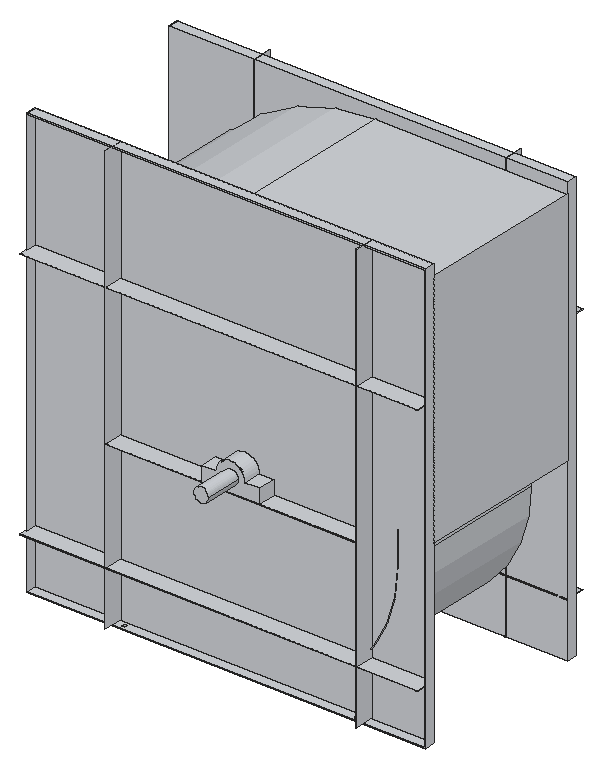
Revit family "CA-4_SWSI_ARR_3_CW_THD", category Mechanical Equipment, Revit 2019
Family settings
  Round Connector Dimension = Use Radius
  Part Type = Normal
  Work Plane-Based = No
  Always vertical = Yes
  Cut with Voids When Loaded = No
  Shared = No
  Room Calculation Point = No
Parameters (values of type "600_CA-4_SWSI_ARR_3_CW_THD_CLASS_3")
  S = 32"
  R = 49 5/16"
  P = 24 21/32"
  O/2 = O / 2  # 17/32"
  O = 1 1/16"
  N/2 = N / 2  # 1 31/32"
  N = 3 15/16"
  ModelID [instance] = ""
  M = 66 11/16"
  L = 10"
  K = 56 11/16"
  J = 3"
  INLET_RAD/2 = INLET_RAD / 2  # 16 1/2"
  INLET_RAD+1.5" = INLET_RAD + 1 1/2"  # 34 1/2"
  INLET_RAD = INLET_DIA / 2  # 33"
  INLET_DIA = 66"
  H = 51 5/8"
  G = 109 5/8"
  F = 118"
  Unit Weight [instance] = ""
  Sones [instance] = ""
  Motor RPM [instance] = ""
  Motor Enclosure [instance] = ""
  LwA [instance] = ""
  Fan RPM [instance] = ""
  E-(INLET_RAD+1.5") = E - (INLET_RAD + 1 1/2")  # 15 1/4"
  E+(INLET_RAD+1.5") = E + (INLET_RAD + 1 1/2")  # 84 1/4"
  E = 49 3/4"
  D-((D-B)/2) = D - ((D - B) / 2)  # 48 13/16"
  D = 51 13/16"
  B = 45 13/16"
  Accessories [instance] = ""
  A = 65 5/8"
  3" = 3"  # constant formula
  Brake Hp [instance] = ""
  4" = 4"  # constant formula
  2N = N + N  # 7 7/8"
  2' = 24"
  2" = 2"  # constant formula
  1" = 1"  # constant formula
  0 = 0"  # constant formula
  Voltage [instance] = 0 V
  URL = "www.lorencook.com"
  Type Comments = "Airfoil Centrifugal Blower Arrangement 3 Clockwise Top Horizontal Discharge"  # constant formula
  Static Pressure [instance] = 0.00 in-wg
  Power [instance] = Voltage * Motor FLA * sqrt(if(Phase = 3, 3, 1))  # 0 VA
  Phase [instance] = 0
  Number of Poles [instance] = 1
  Motor Hp [instance] = "0"
  Motor FLA [instance] = 0 A
  Model = "CA-4 SWSI ARR 3 CW THD CLASS 3"
  Manufacturer = "Loren Cook Company"
  CFM [instance] = 0 CFM
  1.5 = 1 1/2"  # constant formula
  ONE EIGTH = 1/8"  # constant formula
  -(((K-B)/2)-.125") = -(((K - B) / 2) - 1/8")  # -5 5/16"
  (R-B)/2 = (R - B) / 2  # 1 3/4"
  ((K-B)/2)+B = ((K - B) / 2) + B  # 51 1/4"
  (D-B)/2 = (D - B) / 2  # 3"
  -(((K-B)/2)+L) = -(((K - B) / 2) + L)  # -15 7/16"
  ((D-B)/2)-.125" = ((D - B) / 2) - 1/8"  # 2 7/8"
Types (55): name | S | R | P | O/2 | O | N/2 | N | M | L | K | J | INLET_RAD/2 | INLET_RAD+1.5" | INLET_RAD | INLET_DIA | H | G | F | E-(INLET_RAD+1.5") | E+(INLET_RAD+1.5") | E | D-((D-B)/2) | D | B | A | 2N | Model | -(((K-B)/2)-.125") | (R-B)/2 | ((K-B)/2)+B | (D-B)/2 | -(((K-B)/2)+L) | ((D-B)/2)-.125"
  (no name) | 32" | 49 5/16" | 24 21/32" | 17/32" | 1 1/16" | 1 31/32" | 3 15/16" | 66 11/16" | 10" | 56 11/16" | 3" | 16 1/2" | 34 1/2" | 33" | 66" | 51 5/8" | 109 5/8" | 118" | 15 1/4" | 84 1/4" | 49 3/4" | 48 13/16" | 51 13/16" | 45 13/16" | 65 5/8" | 7 7/8" | "CA-4 SWSI ARR 3 CW THD CLASS 3" | -5 5/16" | 1 3/4" | 51 1/4" | 3" | -15 7/16" | 2 7/8"
  120_CA-4_SWSI_ARR_3_CW_THD_CLASS_1 | 7 1/2" | 11 7/16" | 5 23/32" | 11/32" | 11/16" | 1/2" | 1" | 18 7/8" | 3" | 15 7/8" | 2" | 4 1/16" | 9 5/8" | 8 1/8" | 16 1/4" | 10 3/8" | 22 3/4" | 25 3/4" | 1 1/8" | 20 3/8" | 10 3/4" | 11 3/16" | 13 3/16" | 9 3/16" | 13 1/8" | 2" | "CA-4 SWSI ARR 3 CW THD CLASS 1" | -3 7/32" | 1 1/8" | 12 17/32" | 2" | -6 11/32" | 1 7/8"
  120_CA-4_SWSI_ARR_3_CW_THD_CLASS_2 | 7 1/2" | 11 7/16" | 5 23/32" | 11/32" | 11/16" | 1/2" | 1" | 18 7/8" | 3" | 15 7/8" | 2" | 4 1/16" | 9 5/8" | 8 1/8" | 16 1/4" | 10 3/8" | 22 3/4" | 25 3/4" | 1 1/8" | 20 3/8" | 10 3/4" | 11 3/16" | 13 3/16" | 9 3/16" | 13 1/8" | 2" | "CA-4 SWSI ARR 3 CW THD CLASS 2" | -3 7/32" | 1 1/8" | 12 17/32" | 2" | -6 11/32" | 1 7/8"
  120_CA-4_SWSI_ARR_3_CW_THD_CLASS_3 | 7 1/2" | 11 7/16" | 5 23/32" | 11/32" | 11/16" | 19/32" | 1 3/16" | 18 7/8" | 3" | 15 7/8" | 2" | 4 1/16" | 9 5/8" | 8 1/8" | 16 1/4" | 10 3/8" | 22 3/4" | 25 3/4" | 1 1/8" | 20 3/8" | 10 3/4" | 11 3/16" | 13 3/16" | 9 3/16" | 13 1/8" | 2 3/8" | "CA-4 SWSI ARR 3 CW THD CLASS 3" | -3 7/32" | 1 1/8" | 12 17/32" | 2" | -6 11/32" | 1 7/8"
  135_CA-4_SWSI_ARR_3_CW_THD_CLASS_1 | 8 1/2" | 12 9/16" | 6 9/32" | 11/32" | 11/16" | 1/2" | 1" | 20" | 3" | 17" | 2" | 4 7/16" | 10 3/8" | 8 7/8" | 17 3/4" | 11 5/8" | 25 1/2" | 28 3/4" | 1 5/8" | 22 3/8" | 12" | 12 5/16" | 14 5/16" | 10 5/16" | 14 3/4" | 2" | "CA-4 SWSI ARR 3 CW THD CLASS 1" | -3 7/32" | 1 1/8" | 13 21/32" | 2" | -6 11/32" | 1 7/8"
  135_CA-4_SWSI_ARR_3_CW_THD_CLASS_2 | 8 1/2" | 12 9/16" | 6 9/32" | 11/32" | 11/16" | 1/2" | 1" | 20" | 3" | 17" | 2" | 4 7/16" | 10 3/8" | 8 7/8" | 17 3/4" | 11 5/8" | 25 1/2" | 28 3/4" | 1 5/8" | 22 3/8" | 12" | 12 5/16" | 14 5/16" | 10 5/16" | 14 3/4" | 2" | "CA-4 SWSI ARR 3 CW THD CLASS 2" | -3 7/32" | 1 1/8" | 13 21/32" | 2" | -6 11/32" | 1 7/8"
  135_CA-4_SWSI_ARR_3_CW_THD_CLASS_3 | 8 1/2" | 12 9/16" | 6 9/32" | 11/32" | 11/16" | 19/32" | 1 3/16" | 20" | 3" | 17" | 2" | 4 7/16" | 10 3/8" | 8 7/8" | 17 3/4" | 11 5/8" | 25 1/2" | 28 3/4" | 1 5/8" | 22 3/8" | 12" | 12 5/16" | 14 5/16" | 10 5/16" | 14 3/4" | 2 3/8" | "CA-4 SWSI ARR 3 CW THD CLASS 3" | -3 7/32" | 1 1/8" | 13 21/32" | 2" | -6 11/32" | 1 7/8"
  150_CA-4_SWSI_ARR_3_CW_THD_CLASS_1 | 9" | 13 11/16" | 6 27/32" | 11/32" | 11/16" | 1/2" | 1" | 21 1/8" | 3" | 18 1/8" | 2" | 4 13/16" | 11 1/8" | 9 5/8" | 19 1/4" | 12 7/8" | 28 1/8" | 31 5/8" | 2 1/8" | 24 3/8" | 13 1/4" | 13 7/16" | 15 7/16" | 11 7/16" | 16 7/16" | 2" | "CA-4 SWSI ARR 3 CW THD CLASS 1" | -3 7/32" | 1 1/8" | 14 25/32" | 2" | -6 11/32" | 1 7/8"
  150_CA-4_SWSI_ARR_3_CW_THD_CLASS_2 | 9" | 13 11/16" | 6 27/32" | 11/32" | 11/16" | 19/32" | 1 3/16" | 21 1/8" | 3" | 18 1/8" | 2" | 4 13/16" | 11 1/8" | 9 5/8" | 19 1/4" | 12 7/8" | 28 1/8" | 31 5/8" | 2 1/8" | 24 3/8" | 13 1/4" | 13 7/16" | 15 7/16" | 11 7/16" | 16 7/16" | 2 3/8" | "CA-4 SWSI ARR 3 CW THD CLASS 2" | -3 7/32" | 1 1/8" | 14 25/32" | 2" | -6 11/32" | 1 7/8"
  150_CA-4_SWSI_ARR_3_CW_THD_CLASS_3 | 9" | 13 11/16" | 6 27/32" | 11/32" | 11/16" | 23/32" | 1 7/16" | 21 1/8" | 3" | 18 1/8" | 2" | 4 13/16" | 11 1/8" | 9 5/8" | 19 1/4" | 12 7/8" | 28 1/8" | 31 5/8" | 2 1/8" | 24 3/8" | 13 1/4" | 13 7/16" | 15 7/16" | 11 7/16" | 16 7/16" | 2 7/8" | "CA-4 SWSI ARR 3 CW THD CLASS 3" | -3 7/32" | 1 1/8" | 14 25/32" | 2" | -6 11/32" | 1 7/8"
  165_CA-4_SWSI_ARR_3_CW_THD_CLASS_1 | 10" | 14 7/8" | 7 7/16" | 11/32" | 11/16" | 1/2" | 1" | 23 15/16" | 4" | 19 5/16" | 2" | 5 5/16" | 12 1/8" | 10 5/8" | 21 1/4" | 14 1/4" | 30 7/8" | 34 3/8" | 2 1/4" | 26 1/2" | 14 3/8" | 14 5/8" | 16 5/8" | 12 5/8" | 18 1/16" | 2" | "CA-4 SWSI ARR 3 CW THD CLASS 1" | -3 7/32" | 1 1/8" | 15 31/32" | 2" | -7 11/32" | 1 7/8"
  165_CA-4_SWSI_ARR_3_CW_THD_CLASS_2 | 10" | 14 7/8" | 7 7/16" | 11/32" | 11/16" | 19/32" | 1 3/16" | 23 15/16" | 4" | 19 5/16" | 2" | 5 5/16" | 12 1/8" | 10 5/8" | 21 1/4" | 14 1/4" | 30 7/8" | 34 3/8" | 2 1/4" | 26 1/2" | 14 3/8" | 14 5/8" | 16 5/8" | 12 5/8" | 18 1/16" | 2 3/8" | "CA-4 SWSI ARR 3 CW THD CLASS 2" | -3 7/32" | 1 1/8" | 15 31/32" | 2" | -7 11/32" | 1 7/8"
  165_CA-4_SWSI_ARR_3_CW_THD_CLASS_3 | 10" | 14 7/8" | 7 7/16" | 11/32" | 11/16" | 23/32" | 1 7/16" | 23 15/16" | 4" | 19 5/16" | 2" | 5 5/16" | 12 1/8" | 10 5/8" | 21 1/4" | 14 1/4" | 30 7/8" | 34 3/8" | 2 1/4" | 26 1/2" | 14 3/8" | 14 5/8" | 16 5/8" | 12 5/8" | 18 1/16" | 2 7/8" | "CA-4 SWSI ARR 3 CW THD CLASS 3" | -3 7/32" | 1 1/8" | 15 31/32" | 2" | -7 11/32" | 1 7/8"
  180_CA-4_SWSI_ARR_3_CW_THD_CLASS_1 | 11" | 16" | 8" | 11/32" | 11/16" | 19/32" | 1 3/16" | 24 15/16" | 4 1/2" | 20 7/16" | 2" | 5 11/16" | 12 7/8" | 11 3/8" | 22 3/4" | 15 1/2" | 33 5/8" | 37 1/8" | 2 3/4" | 28 1/2" | 15 5/8" | 15 3/4" | 17 3/4" | 13 3/4" | 19 11/16" | 2 3/8" | "CA-4 SWSI ARR 3 CW THD CLASS 1" | -3 7/32" | 1 1/8" | 17 3/32" | 2" | -7 27/32" | 1 7/8"
  180_CA-4_SWSI_ARR_3_CW_THD_CLASS_2 | 11" | 16" | 8" | 11/32" | 11/16" | 23/32" | 1 7/16" | 24 15/16" | 4 1/2" | 20 7/16" | 2" | 5 11/16" | 12 7/8" | 11 3/8" | 22 3/4" | 15 1/2" | 33 5/8" | 37 1/8" | 2 3/4" | 28 1/2" | 15 5/8" | 15 3/4" | 17 3/4" | 13 3/4" | 19 11/16" | 2 7/8" | "CA-4 SWSI ARR 3 CW THD CLASS 2" | -3 7/32" | 1 1/8" | 17 3/32" | 2" | -7 27/32" | 1 7/8"
  180_CA-4_SWSI_ARR_3_CW_THD_CLASS_3 | 11" | 16" | 8" | 11/32" | 11/16" | 27/32" | 1 11/16" | 24 15/16" | 4 1/2" | 20 7/16" | 2" | 5 11/16" | 12 7/8" | 11 3/8" | 22 3/4" | 15 1/2" | 33 5/8" | 37 1/8" | 2 3/4" | 28 1/2" | 15 5/8" | 15 3/4" | 17 3/4" | 13 3/4" | 19 11/16" | 3 3/8" | "CA-4 SWSI ARR 3 CW THD CLASS 3" | -3 7/32" | 1 1/8" | 17 3/32" | 2" | -7 27/32" | 1 7/8"
  195_CA-4_SWSI_ARR_3_CW_THD_CLASS_1 | 11 1/2" | 17 3/16" | 8 19/32" | 11/32" | 11/16" | 23/32" | 1 7/16" | 27 3/16" | 4 1/2" | 22 11/16" | 2" | 6 1/16" | 13 5/8" | 12 1/8" | 24 1/4" | 16 3/4" | 36 1/4" | 40" | 3 1/8" | 30 3/8" | 16 3/4" | 16 15/16" | 18 15/16" | 14 15/16" | 21 5/16" | 2 7/8" | "CA-4 SWSI ARR 3 CW THD CLASS 1" | -3 3/4" | 1 1/8" | 18 13/16" | 2" | -8 3/8" | 1 7/8"
  195_CA-4_SWSI_ARR_3_CW_THD_CLASS_2 | 11 1/2" | 17 3/16" | 8 19/32" | 11/32" | 11/16" | 23/32" | 1 7/16" | 27 3/16" | 4 1/2" | 22 11/16" | 2" | 6 1/16" | 13 5/8" | 12 1/8" | 24 1/4" | 16 3/4" | 36 1/4" | 40" | 3 1/8" | 30 3/8" | 16 3/4" | 16 15/16" | 18 15/16" | 14 15/16" | 21 5/16" | 2 7/8" | "CA-4 SWSI ARR 3 CW THD CLASS 2" | -3 3/4" | 1 1/8" | 18 13/16" | 2" | -8 3/8" | 1 7/8"
  195_CA-4_SWSI_ARR_3_CW_THD_CLASS_3 | 11 1/2" | 17 3/16" | 8 19/32" | 11/32" | 11/16" | 27/32" | 1 11/16" | 27 3/16" | 4 1/2" | 22 11/16" | 2" | 6 1/16" | 13 5/8" | 12 1/8" | 24 1/4" | 16 3/4" | 36 1/4" | 40" | 3 1/8" | 30 3/8" | 16 3/4" | 16 15/16" | 18 15/16" | 14 15/16" | 21 5/16" | 3 3/8" | "CA-4 SWSI ARR 3 CW THD CLASS 3" | -3 3/4" | 1 1/8" | 18 13/16" | 2" | -8 3/8" | 1 7/8"
  210_CA-4_SWSI_ARR_3_CW_THD_CLASS_1 | 12" | 18 5/16" | 9 5/32" | 13/32" | 13/16" | 23/32" | 1 7/16" | 28 13/16" | 5" | 23 13/16" | 2" | 6 1/2" | 14 1/2" | 13" | 26" | 18 1/8" | 39 1/8" | 42 7/8" | 3 1/2" | 32 1/2" | 18" | 18 1/16" | 20 1/16" | 16 1/16" | 23" | 2 7/8" | "CA-4 SWSI ARR 3 CW THD CLASS 1" | -3 3/4" | 1 1/8" | 19 15/16" | 2" | -8 7/8" | 1 7/8"
  210_CA-4_SWSI_ARR_3_CW_THD_CLASS_2 | 12" | 18 5/16" | 9 5/32" | 13/32" | 13/16" | 23/32" | 1 7/16" | 28 13/16" | 5" | 23 13/16" | 2" | 6 1/2" | 14 1/2" | 13" | 26" | 18 1/8" | 39 1/8" | 42 7/8" | 3 1/2" | 32 1/2" | 18" | 18 1/16" | 20 1/16" | 16 1/16" | 23" | 2 7/8" | "CA-4 SWSI ARR 3 CW THD CLASS 2" | -3 3/4" | 1 1/8" | 19 15/16" | 2" | -8 7/8" | 1 7/8"
  210_CA-4_SWSI_ARR_3_CW_THD_CLASS_3 | 12" | 18 5/16" | 9 5/32" | 13/32" | 13/16" | 27/32" | 1 11/16" | 28 13/16" | 5" | 23 13/16" | 2" | 6 1/2" | 14 1/2" | 13" | 26" | 18 1/8" | 39 1/8" | 42 7/8" | 3 1/2" | 32 1/2" | 18" | 18 1/16" | 20 1/16" | 16 1/16" | 23" | 3 3/8" | "CA-4 SWSI ARR 3 CW THD CLASS 3" | -3 3/4" | 1 1/8" | 19 15/16" | 2" | -8 7/8" | 1 7/8"
  225_CA-4_SWSI_ARR_3_CW_THD_CLASS_1 | 12 1/2" | 19 7/16" | 9 23/32" | 13/32" | 13/16" | 23/32" | 1 7/16" | 29 15/16" | 5" | 24 15/16" | 2" | 6 7/8" | 15 1/4" | 13 3/4" | 27 1/2" | 19 3/8" | 41 3/4" | 45 3/4" | 4" | 34 1/2" | 19 1/4" | 19 3/16" | 21 3/16" | 17 3/16" | 24 5/8" | 2 7/8" | "CA-4 SWSI ARR 3 CW THD CLASS 1" | -3 3/4" | 1 1/8" | 21 1/16" | 2" | -8 7/8" | 1 7/8"
  225_CA-4_SWSI_ARR_3_CW_THD_CLASS_2 | 12 1/2" | 19 7/16" | 9 23/32" | 13/32" | 13/16" | 23/32" | 1 7/16" | 29 15/16" | 5" | 24 15/16" | 2" | 6 7/8" | 15 1/4" | 13 3/4" | 27 1/2" | 19 3/8" | 41 3/4" | 45 3/4" | 4" | 34 1/2" | 19 1/4" | 19 3/16" | 21 3/16" | 17 3/16" | 24 5/8" | 2 7/8" | "CA-4 SWSI ARR 3 CW THD CLASS 2" | -3 3/4" | 1 1/8" | 21 1/16" | 2" | -8 7/8" | 1 7/8"
  225_CA-4_SWSI_ARR_3_CW_THD_CLASS_3 | 12 1/2" | 19 7/16" | 9 23/32" | 13/32" | 13/16" | 27/32" | 1 11/16" | 29 15/16" | 5" | 24 15/16" | 2" | 6 7/8" | 15 1/4" | 13 3/4" | 27 1/2" | 19 3/8" | 41 3/4" | 45 3/4" | 4" | 34 1/2" | 19 1/4" | 19 3/16" | 21 3/16" | 17 3/16" | 24 5/8" | 3 3/8" | "CA-4 SWSI ARR 3 CW THD CLASS 3" | -3 3/4" | 1 1/8" | 21 1/16" | 2" | -8 7/8" | 1 7/8"
  245_CA-4_SWSI_ARR_3_CW_THD_CLASS_1 | 13 1/2" | 21" | 10 1/2" | 13/32" | 13/16" | 23/32" | 1 7/16" | 32" | 5 1/2" | 26 1/2" | 2" | 7 3/8" | 16 1/4" | 14 3/4" | 29 1/2" | 21 1/8" | 45 3/8" | 49 1/2" | 4 5/8" | 37 1/8" | 20 7/8" | 20 3/4" | 22 3/4" | 18 3/4" | 26 13/16" | 2 7/8" | "CA-4 SWSI ARR 3 CW THD CLASS 1" | -3 3/4" | 1 1/8" | 22 5/8" | 2" | -9 3/8" | 1 7/8"
  245_CA-4_SWSI_ARR_3_CW_THD_CLASS_2 | 13 1/2" | 21" | 10 1/2" | 13/32" | 13/16" | 27/32" | 1 11/16" | 32" | 5 1/2" | 26 1/2" | 2" | 7 3/8" | 16 1/4" | 14 3/4" | 29 1/2" | 21 1/8" | 45 3/8" | 49 1/2" | 4 5/8" | 37 1/8" | 20 7/8" | 20 3/4" | 22 3/4" | 18 3/4" | 26 13/16" | 3 3/8" | "CA-4 SWSI ARR 3 CW THD CLASS 2" | -3 3/4" | 1 1/8" | 22 5/8" | 2" | -9 3/8" | 1 7/8"
  245_CA-4_SWSI_ARR_3_CW_THD_CLASS_3 | 13 1/2" | 21" | 10 1/2" | 13/32" | 13/16" | 31/32" | 1 15/16" | 32" | 5 1/2" | 26 1/2" | 2" | 7 3/8" | 16 1/4" | 14 3/4" | 29 1/2" | 21 1/8" | 45 3/8" | 49 1/2" | 4 5/8" | 37 1/8" | 20 7/8" | 20 3/4" | 22 3/4" | 18 3/4" | 26 13/16" | 3 7/8" | "CA-4 SWSI ARR 3 CW THD CLASS 3" | -3 3/4" | 1 1/8" | 22 5/8" | 2" | -9 3/8" | 1 7/8"
  270_CA-4_SWSI_ARR_3_CW_THD_CLASS_1 | 15" | 22 7/8" | 11 7/16" | 13/32" | 13/16" | 23/32" | 1 7/16" | 34 3/8" | 6" | 28 3/8" | 2" | 8" | 17 1/2" | 16" | 32" | 23 1/4" | 49 7/8" | 54 3/4" | 5 7/8" | 40 7/8" | 23 3/8" | 22 5/8" | 24 5/8" | 20 5/8" | 29 9/16" | 2 7/8" | "CA-4 SWSI ARR 3 CW THD CLASS 1" | -3 3/4" | 1 1/8" | 24 1/2" | 2" | -9 7/8" | 1 7/8"
  270_CA-4_SWSI_ARR_3_CW_THD_CLASS_2 | 15" | 22 7/8" | 11 7/16" | 13/32" | 13/16" | 27/32" | 1 11/16" | 34 3/8" | 6" | 28 3/8" | 2" | 8" | 17 1/2" | 16" | 32" | 23 1/4" | 49 7/8" | 54 3/4" | 5 7/8" | 40 7/8" | 23 3/8" | 22 5/8" | 24 5/8" | 20 5/8" | 29 9/16" | 3 3/8" | "CA-4 SWSI ARR 3 CW THD CLASS 2" | -3 3/4" | 1 1/8" | 24 1/2" | 2" | -9 7/8" | 1 7/8"
  270_CA-4_SWSI_ARR_3_CW_THD_CLASS_3 | 15" | 22 7/8" | 11 7/16" | 13/32" | 13/16" | 31/32" | 1 15/16" | 34 3/8" | 6" | 28 3/8" | 2" | 8" | 17 1/2" | 16" | 32" | 23 1/4" | 49 7/8" | 54 3/4" | 5 7/8" | 40 7/8" | 23 3/8" | 22 5/8" | 24 5/8" | 20 5/8" | 29 9/16" | 3 7/8" | "CA-4 SWSI ARR 3 CW THD CLASS 3" | -3 3/4" | 1 1/8" | 24 1/2" | 2" | -9 7/8" | 1 7/8"
  300_CA-4_SWSI_ARR_3_CW_THD_CLASS_1 | 16 1/2" | 25 3/16" | 12 19/32" | 13/32" | 13/16" | 27/32" | 1 11/16" | 37 3/16" | 6 1/2" | 30 11/16" | 2" | 8 3/4" | 19" | 17 1/2" | 35" | 25 7/8" | 55 3/8" | 60" | 6 3/8" | 44 3/8" | 25 3/8" | 24 15/16" | 26 15/16" | 22 15/16" | 32 13/16" | 3 3/8" | "CA-4 SWSI ARR 3 CW THD CLASS 1" | -3 3/4" | 1 1/8" | 26 13/16" | 2" | -10 3/8" | 1 7/8"
  300_CA-4_SWSI_ARR_3_CW_THD_CLASS_2 | 16 1/2" | 25 3/16" | 12 19/32" | 13/32" | 13/16" | 31/32" | 1 15/16" | 37 3/16" | 6 1/2" | 30 11/16" | 2" | 8 3/4" | 19" | 17 1/2" | 35" | 25 7/8" | 55 3/8" | 60" | 6 3/8" | 44 3/8" | 25 3/8" | 24 15/16" | 26 15/16" | 22 15/16" | 32 13/16" | 3 7/8" | "CA-4 SWSI ARR 3 CW THD CLASS 2" | -3 3/4" | 1 1/8" | 26 13/16" | 2" | -10 3/8" | 1 7/8"
  300_CA-4_SWSI_ARR_3_CW_THD_CLASS_3 | 16 1/2" | 25 3/16" | 12 19/32" | 13/32" | 13/16" | 1 3/32" | 2 3/16" | 37 3/16" | 6 1/2" | 30 11/16" | 2" | 8 3/4" | 19" | 17 1/2" | 35" | 25 7/8" | 55 3/8" | 60" | 6 3/8" | 44 3/8" | 25 3/8" | 24 15/16" | 26 15/16" | 22 15/16" | 32 13/16" | 4 3/8" | "CA-4 SWSI ARR 3 CW THD CLASS 3" | -3 3/4" | 1 1/8" | 26 13/16" | 2" | -10 3/8" | 1 7/8"
  330_CA-4_SWSI_ARR_3_CW_THD_CLASS_1 | 18" | 27 1/2" | 13 3/4" | 13/32" | 13/16" | 27/32" | 1 11/16" | 40" | 7" | 33" | 2" | 9 1/2" | 20 1/2" | 19" | 38" | 28 3/8" | 60 3/4" | 65 3/4" | 7 3/8" | 48 3/8" | 27 7/8" | 27 1/4" | 29 1/4" | 25 1/4" | 36 1/8" | 3 3/8" | "CA-4 SWSI ARR 3 CW THD CLASS 1" | -3 3/4" | 1 1/8" | 29 1/8" | 2" | -10 7/8" | 1 7/8"
  330_CA-4_SWSI_ARR_3_CW_THD_CLASS_2 | 18" | 27 1/2" | 13 3/4" | 13/32" | 13/16" | 1 3/32" | 2 3/16" | 40" | 7" | 33" | 2" | 9 1/2" | 20 1/2" | 19" | 38" | 28 3/8" | 60 3/4" | 65 3/4" | 7 3/8" | 48 3/8" | 27 7/8" | 27 1/4" | 29 1/4" | 25 1/4" | 36 1/8" | 4 3/8" | "CA-4 SWSI ARR 3 CW THD CLASS 2" | -3 3/4" | 1 1/8" | 29 1/8" | 2" | -10 7/8" | 1 7/8"
  330_CA-4_SWSI_ARR_3_CW_THD_CLASS_3 | 18" | 27 1/2" | 13 3/4" | 13/32" | 13/16" | 1 3/32" | 2 3/16" | 40" | 7" | 33" | 2" | 9 1/2" | 20 1/2" | 19" | 38" | 28 3/8" | 60 3/4" | 65 3/4" | 7 3/8" | 48 3/8" | 27 7/8" | 27 1/4" | 29 1/4" | 25 1/4" | 36 1/8" | 4 3/8" | "CA-4 SWSI ARR 3 CW THD CLASS 3" | -3 3/4" | 1 1/8" | 29 1/8" | 2" | -10 7/8" | 1 7/8"
  365_CA-4_SWSI_ARR_3_CW_THD_CLASS_1 | 20" | 30 1/8" | 15 1/16" | 13/32" | 13/16" | 31/32" | 1 15/16" | 43 1/8" | 7 1/2" | 35 5/8" | 2" | 10 3/8" | 22 1/4" | 20 3/4" | 41 1/2" | 31 3/8" | 67" | 72 3/8" | 8 3/8" | 52 7/8" | 30 5/8" | 29 7/8" | 31 7/8" | 27 7/8" | 39 15/16" | 3 7/8" | "CA-4 SWSI ARR 3 CW THD CLASS 1" | -3 3/4" | 1 1/8" | 31 3/4" | 2" | -11 3/8" | 1 7/8"
  365_CA-4_SWSI_ARR_3_CW_THD_CLASS_2 | 20" | 30 1/8" | 15 1/16" | 13/32" | 13/16" | 1 7/32" | 2 7/16" | 43 1/8" | 7 1/2" | 35 5/8" | 2" | 10 3/8" | 22 1/4" | 20 3/4" | 41 1/2" | 31 3/8" | 67" | 72 3/8" | 8 3/8" | 52 7/8" | 30 5/8" | 29 7/8" | 31 7/8" | 27 7/8" | 39 15/16" | 4 7/8" | "CA-4 SWSI ARR 3 CW THD CLASS 2" | -3 3/4" | 1 1/8" | 31 3/4" | 2" | -11 3/8" | 1 7/8"
  365_CA-4_SWSI_ARR_3_CW_THD_CLASS_3 | 20" | 30 1/8" | 15 1/16" | 13/32" | 13/16" | 1 7/32" | 2 7/16" | 43 1/8" | 7 1/2" | 35 5/8" | 2" | 10 3/8" | 22 1/4" | 20 3/4" | 41 1/2" | 31 3/8" | 67" | 72 3/8" | 8 3/8" | 52 7/8" | 30 5/8" | 29 7/8" | 31 7/8" | 27 7/8" | 39 15/16" | 4 7/8" | "CA-4 SWSI ARR 3 CW THD CLASS 3" | -3 3/4" | 1 1/8" | 31 3/4" | 2" | -11 3/8" | 1 7/8"
  402_CA-4_SWSI_ARR_3_CW_THD_CLASS_1 | 22" | 34 1/4" | 17 1/8" | 17/32" | 1 1/16" | 31/32" | 1 15/16" | 46 5/8" | 8" | 38 5/8" | 3" | 11 5/16" | 24 1/8" | 22 5/8" | 45 1/4" | 34 5/8" | 73 7/8" | 80 3/8" | 9 1/2" | 57 3/4" | 33 5/8" | 33 3/4" | 36 3/4" | 30 3/4" | 44 1/16" | 3 7/8" | "CA-4 SWSI ARR 3 CW THD CLASS 1" | -3 13/16" | 1 3/4" | 34 11/16" | 3" | -11 15/16" | 2 7/8"
  402_CA-4_SWSI_ARR_3_CW_THD_CLASS_2 | 22" | 34 1/4" | 17 1/8" | 17/32" | 1 1/16" | 1 7/32" | 2 7/16" | 46 5/8" | 8" | 38 5/8" | 3" | 11 5/16" | 24 1/8" | 22 5/8" | 45 1/4" | 34 5/8" | 73 7/8" | 80 3/8" | 9 1/2" | 57 3/4" | 33 5/8" | 33 3/4" | 36 3/4" | 30 3/4" | 44 1/16" | 4 7/8" | "CA-4 SWSI ARR 3 CW THD CLASS 2" | -3 13/16" | 1 3/4" | 34 11/16" | 3" | -11 15/16" | 2 7/8"
  402_CA-4_SWSI_ARR_3_CW_THD_CLASS_3 | 22" | 34 1/4" | 17 1/8" | 17/32" | 1 1/16" | 1 11/32" | 2 11/16" | 46 5/8" | 8" | 38 5/8" | 3" | 11 5/16" | 24 1/8" | 22 5/8" | 45 1/4" | 34 5/8" | 73 7/8" | 80 3/8" | 9 1/2" | 57 3/4" | 33 5/8" | 33 3/4" | 36 3/4" | 30 3/4" | 44 1/16" | 5 3/8" | "CA-4 SWSI ARR 3 CW THD CLASS 3" | -3 13/16" | 1 3/4" | 34 11/16" | 3" | -11 15/16" | 2 7/8"
  445_CA-4_SWSI_ARR_3_CW_THD_CLASS_1 | 24" | 37 1/2" | 18 3/4" | 17/32" | 1 1/16" | 31/32" | 1 15/16" | 50 3/8" | 8 1/2" | 41 7/8" | 3" | 12 3/8" | 26 1/4" | 24 3/4" | 49 1/2" | 38 1/4" | 81 1/2" | 88 1/2" | 10 7/8" | 63 3/8" | 37 1/8" | 37" | 40" | 34" | 48 11/16" | 3 7/8" | "CA-4 SWSI ARR 3 CW THD CLASS 1" | -3 13/16" | 1 3/4" | 37 15/16" | 3" | -12 7/16" | 2 7/8"
  445_CA-4_SWSI_ARR_3_CW_THD_CLASS_2 | 24" | 37 1/2" | 18 3/4" | 17/32" | 1 1/16" | 1 11/32" | 2 11/16" | 50 3/8" | 8 1/2" | 41 7/8" | 3" | 12 3/8" | 26 1/4" | 24 3/4" | 49 1/2" | 38 1/4" | 81 1/2" | 88 1/2" | 10 7/8" | 63 3/8" | 37 1/8" | 37" | 40" | 34" | 48 11/16" | 5 3/8" | "CA-4 SWSI ARR 3 CW THD CLASS 2" | -3 13/16" | 1 3/4" | 37 15/16" | 3" | -12 7/16" | 2 7/8"
  445_CA-4_SWSI_ARR_3_CW_THD_CLASS_3 | 24" | 37 1/2" | 18 3/4" | 17/32" | 1 1/16" | 1 15/32" | 2 15/16" | 50 3/8" | 8 1/2" | 41 7/8" | 3" | 12 3/8" | 26 1/4" | 24 3/4" | 49 1/2" | 38 1/4" | 81 1/2" | 88 1/2" | 10 7/8" | 63 3/8" | 37 1/8" | 37" | 40" | 34" | 48 11/16" | 5 7/8" | "CA-4 SWSI ARR 3 CW THD CLASS 3" | -3 13/16" | 1 3/4" | 37 15/16" | 3" | -12 7/16" | 2 7/8"
  490_CA-4_SWSI_ARR_3_CW_THD_CLASS_1 | 26 1/2" | 40 15/16" | 20 15/32" | 17/32" | 1 1/16" | 1 3/32" | 2 3/16" | 55 5/16" | 9" | 46 5/16" | 3" | 13 3/4" | 29" | 27 1/2" | 55" | 42 1/4" | 89 3/4" | 97" | 11 3/4" | 69 3/4" | 40 3/4" | 40 7/16" | 43 7/16" | 37 7/16" | 53 5/8" | 4 3/8" | "CA-4 SWSI ARR 3 CW THD CLASS 1" | -4 5/16" | 1 3/4" | 41 7/8" | 3" | -13 7/16" | 2 7/8"
  490_CA-4_SWSI_ARR_3_CW_THD_CLASS_2 | 26 1/2" | 40 15/16" | 20 15/32" | 17/32" | 1 1/16" | 1 11/32" | 2 11/16" | 55 5/16" | 9" | 46 5/16" | 3" | 13 3/4" | 29" | 27 1/2" | 55" | 42 1/4" | 89 3/4" | 97" | 11 3/4" | 69 3/4" | 40 3/4" | 40 7/16" | 43 7/16" | 37 7/16" | 53 5/8" | 5 3/8" | "CA-4 SWSI ARR 3 CW THD CLASS 2" | -4 5/16" | 1 3/4" | 41 7/8" | 3" | -13 7/16" | 2 7/8"
  490_CA-4_SWSI_ARR_3_CW_THD_CLASS_3 | 26 1/2" | 40 15/16" | 20 15/32" | 17/32" | 1 1/16" | 1 15/32" | 2 15/16" | 55 5/16" | 9" | 46 5/16" | 3" | 13 3/4" | 29" | 27 1/2" | 55" | 42 1/4" | 89 3/4" | 97" | 11 3/4" | 69 3/4" | 40 3/4" | 40 7/16" | 43 7/16" | 37 7/16" | 53 5/8" | 5 7/8" | "CA-4 SWSI ARR 3 CW THD CLASS 3" | -4 5/16" | 1 3/4" | 41 7/8" | 3" | -13 7/16" | 2 7/8"
  540_CA-4_SWSI_ARR_3_CW_THD_CLASS_1 | 29" | 44 3/4" | 22 3/8" | 17/32" | 1 1/16" | 1 23/32" | 3 7/16" | 61 5/8" | 9 1/2" | 52 1/8" | 3" | 15" | 31 1/2" | 30" | 60" | 46 1/2" | 98 3/4" | 106 5/8" | 13 3/8" | 76 3/8" | 44 7/8" | 44 1/4" | 47 1/4" | 41 1/4" | 59 1/16" | 6 7/8" | "CA-4 SWSI ARR 3 CW THD CLASS 1" | -5 5/16" | 1 3/4" | 46 11/16" | 3" | -14 15/16" | 2 7/8"
  540_CA-4_SWSI_ARR_3_CW_THD_CLASS_2 | 29" | 44 3/4" | 22 3/8" | 17/32" | 1 1/16" | 1 15/32" | 2 15/16" | 61 5/8" | 9 1/2" | 52 1/8" | 3" | 15" | 31 1/2" | 30" | 60" | 46 1/2" | 98 3/4" | 106 5/8" | 13 3/8" | 76 3/8" | 44 7/8" | 44 1/4" | 47 1/4" | 41 1/4" | 59 1/16" | 5 7/8" | "CA-4 SWSI ARR 3 CW THD CLASS 2" | -5 5/16" | 1 3/4" | 46 11/16" | 3" | -14 15/16" | 2 7/8"
  540_CA-4_SWSI_ARR_3_CW_THD_CLASS_3 | 29" | 44 3/4" | 22 3/8" | 17/32" | 1 1/16" | 1 23/32" | 3 7/16" | 61 5/8" | 9 1/2" | 52 1/8" | 3" | 15" | 31 1/2" | 30" | 60" | 46 1/2" | 98 3/4" | 106 5/8" | 13 3/8" | 76 3/8" | 44 7/8" | 44 1/4" | 47 1/4" | 41 1/4" | 59 1/16" | 6 7/8" | "CA-4 SWSI ARR 3 CW THD CLASS 3" | -5 5/16" | 1 3/4" | 46 11/16" | 3" | -14 15/16" | 2 7/8"
  600_CA-4_SWSI_ARR_3_CW_THD_CLASS_1 | 32" | 49 5/16" | 24 21/32" | 17/32" | 1 1/16" | 1 11/32" | 2 11/16" | 66 11/16" | 10" | 56 11/16" | 3" | 16 1/2" | 34 1/2" | 33" | 66" | 51 5/8" | 109 5/8" | 118" | 15 1/4" | 84 1/4" | 49 3/4" | 48 13/16" | 51 13/16" | 45 13/16" | 65 5/8" | 5 3/8" | "CA-4 SWSI ARR 3 CW THD CLASS 1" | -5 5/16" | 1 3/4" | 51 1/4" | 3" | -15 7/16" | 2 7/8"
  600_CA-4_SWSI_ARR_3_CW_THD_CLASS_2 | 32" | 49 5/16" | 24 21/32" | 17/32" | 1 1/16" | 1 23/32" | 3 7/16" | 66 11/16" | 10" | 56 11/16" | 3" | 16 1/2" | 34 1/2" | 33" | 66" | 51 5/8" | 109 5/8" | 118" | 15 1/4" | 84 1/4" | 49 3/4" | 48 13/16" | 51 13/16" | 45 13/16" | 65 5/8" | 6 7/8" | "CA-4 SWSI ARR 3 CW THD CLASS 2" | -5 5/16" | 1 3/4" | 51 1/4" | 3" | -15 7/16" | 2 7/8"
  600_CA-4_SWSI_ARR_3_CW_THD_CLASS_3 | 32" | 49 5/16" | 24 21/32" | 17/32" | 1 1/16" | 1 31/32" | 3 15/16" | 66 11/16" | 10" | 56 11/16" | 3" | 16 1/2" | 34 1/2" | 33" | 66" | 51 5/8" | 109 5/8" | 118" | 15 1/4" | 84 1/4" | 49 3/4" | 48 13/16" | 51 13/16" | 45 13/16" | 65 5/8" | 7 7/8" | "CA-4 SWSI ARR 3 CW THD CLASS 3" | -5 5/16" | 1 3/4" | 51 1/4" | 3" | -15 7/16" | 2 7/8"
Reference planes (in)
  plane 1 "Center (Front/Back)": y = 0
  plane 2: z = 0
  plane 3 "Center (Left/Right)": x = 0.40541
Forms (in)
  Extrusion 1, solid
    sketch origin (0, 0, 0) x (1, 0, 0) y (0, 0, 1)
      loop
        line (-57.59459, 0) -> (52.03041, 0) -> (52.03041, 118) -> (-57.59459, 118) -> (-57.59459, 0)
    from 0 to 3 <- "(D-B)/2"
  Extrusion 2, solid
    sketch origin (0, 0, 0) x (1, 0, 0) y (0, 0, 1)
      loop
        line (-57.59459, 118) -> (-57.59459, 0) -> (52.03041, 0) -> (52.03041, 118) -> (-57.59459, 118)
    from 51.8125 <- "D" to 48.8125 <- "D-((D-B)/2)"
  Extrusion 3, void
    sketch origin (0, 0, 0) x (1, 0, 0) y (0, 0, 1)
      loop
        line (-57.46959, 117.875) -> (-57.46959, 0.125) -> (51.90541, 0.125) -> (51.90541, 117.875) -> (-57.46959, 117.875)
    from 0 to 2.875 <- "((D-B)/2)-.125""
  Extrusion 4, void
    sketch origin (0, -51.8125, 0) x (-1, 0, 0) y (0, 0, 1)
      loop
        line (57.46959, 117.875) -> (-51.90541, 117.875) -> (-51.90541, 0.125) -> (57.46959, 0.125) -> (57.46959, 117.875)
    from 0 to 2.875 <- "((D-B)/2)-.125""
  Extrusion 5, solid
    sketch origin (0, -3, 0) x (1, 0, 0) y (0, 0, 1)
      loop
        line (42.03041, 49.375) -> (52.03041, 49.375) -> (52.03041, 115) -> (-0.59459, 115)
        arc (-0.59459, 115) -> (-40.19257, 98.59798) -> (-56.59459, 59) r 56
        line (-56.59459, 59) -> (-56.59459, 57)
        arc (-56.59459, 57) -> (-40.19257, 17.40202) -> (-0.59459, 1) r 56
        line (-0.59459, 1) -> (3.65541, 1)
        arc (3.65541, 1) -> (30.79064, 12.23978) -> (42.03041, 39.375) r 38.375
        line (42.03041, 39.375) -> (42.03041, 49.375)
    from 0 to 45.8125 <- "B"
  Extrusion 6, solid
    sketch origin (0, -48.8125, 0) x (-1, 0, 0) y (0, 0, 1)
      loop
        circle (-0.40541, 49.75) r 1.96875
    from 51.25 <- "((K-B)/2)+B" to -15.4375 <- "-(((K-B)/2)+L)"
  Extrusion 7, solid
    sketch origin (0, -48.8125, 0) x (-1, 0, 0) y (0, 0, 1)
      loop
        line (7.46959, 45.8125) -> (7.46959, 49.75) -> (3.53209, 49.75)
        arc (3.53209, 49.75) -> (-0.40541, 53.6875) -> (-4.34291, 49.75) r 3.9375
        line (-4.34291, 49.75) -> (-8.28041, 49.75) -> (-8.28041, 45.8125) -> (7.46959, 45.8125)
    from -0.5 to -5.3125 <- "-(((K-B)/2)-.125")"
  Extrusion 8, solid
    sketch origin (0, -3, 0) x (1, 0, 0) y (0, 0, 1)
      loop
        arc (4.34291, 49.75) -> (0.40541, 53.6875) -> (-3.53209, 49.75) r 3.9375
        line (-3.53209, 49.75) -> (-7.46959, 49.75) -> (-7.46959, 45.8125) -> (8.28041, 45.8125) -> (8.28041, 49.75) -> (4.34291, 49.75)
    from -0.5 to -5.3125 <- "-(((K-B)/2)-.125")"
  Extrusion 9, solid
    sketch origin (0, -3, 0) x (1, 0, 0) y (0, 0, 1)
      loop
        line (35.03041, 117.875) -> (34.90541, 117.875) -> (34.90541, 0.125) -> (35.03041, 0.125) -> (35.03041, 117.875)
      loop
        line (-34.09459, 0.125) -> (-34.09459, 117.875) -> (-34.21959, 117.875) -> (-34.21959, 0.125) -> (-34.09459, 0.125)
    from 0 to -5.3125 <- "-(((K-B)/2)-.125")"
  Extrusion 10, solid
    sketch origin (0, -3, 0) x (1, 0, 0) y (0, 0, 1)
      loop
        line (51.90541, 84.375) -> (-57.46959, 84.375) -> (-57.46959, 84.25) -> (51.90541, 84.25) -> (51.90541, 84.375)
      loop
        line (51.90541, 15.25) -> (-57.46959, 15.25) -> (-57.46959, 15.125) -> (51.90541, 15.125) -> (51.90541, 15.25)
      loop
        line (34.90541, 45.8125) -> (-34.09459, 45.8125) -> (-34.09459, 45.6875) -> (34.90541, 45.6875) -> (34.90541, 45.8125)
    from 0 to -5.3125 <- "-(((K-B)/2)-.125")"
  Extrusion 11, solid
    sketch origin (0, -48.8125, 0) x (-1, 0, 0) y (0, 0, 1)
      loop
        line (34.21959, 117.875) -> (34.09459, 117.875) -> (34.09459, 0.125) -> (34.21959, 0.125) -> (34.21959, 117.875)
      loop
        line (-34.90541, 0.125) -> (-34.90541, 117.875) -> (-35.03041, 117.875) -> (-35.03041, 0.125) -> (-34.90541, 0.125)
    from 0 to -5.3125 <- "-(((K-B)/2)-.125")"
  Extrusion 12, solid
    sketch origin (0, -48.8125, 0) x (-1, 0, 0) y (0, 0, 1)
      loop
        line (57.46959, 84.375) -> (-51.90541, 84.375) -> (-51.90541, 84.25) -> (57.46959, 84.25) -> (57.46959, 84.375)
      loop
        line (-34.90541, 45.8125) -> (-34.90541, 45.6875) -> (34.09459, 45.6875) -> (34.09459, 45.8125) -> (-34.90541, 45.8125)
      loop
        line (57.46959, 15.25) -> (-51.90541, 15.25) -> (-51.90541, 15.125) -> (57.46959, 15.125) -> (57.46959, 15.25)
    from 0 to -5.3125 <- "-(((K-B)/2)-.125")"
  Extrusion 13, void
    sketch origin (0, 0, 0) x (1, 0, 0) y (0, 1, 0)
      loop
        circle (-31.59459, -1.25) r 0.53125
      loop
        circle (32.40541, -1.25) r 0.53125
      loop
        circle (32.40541, -50.5625) r 0.53125
      loop
        circle (-31.59459, -50.5625) r 0.53125
    from -0.25 to 0.25
  Revolve 14, void
    sketch origin (0.40541, 0, 0) x (0, 1, 0) y (0, 0, 1)
      loop
        arc (-2.875, 82.75) -> (-7.70774, 71.08274) -> (-19.375, 66.25) r 16.5
        line (-19.375, 66.25) -> (-19.375, 51.71875) -> (-2.875, 51.71875) -> (-2.875, 82.75)
      axis (-19.375, 49.75) -> (-2.875, 49.75)
    angle from 0 to 360
Cuts and joins
  Extrusion 3, Extrusion 13, Revolve 14 cuts Extrusion 1
  Extrusion 4, Extrusion 13 cuts Extrusion 2
  Extrusion 13, Revolve 14 cuts Extrusion 9
  Extrusion 13 cuts Extrusion 11
  Revolve 14 cuts Extrusion 5
  Revolve 14 cuts Extrusion 10
Dimensions and locks (in)
  "0": Extrusion 1 sketch curve to level
  "F": Extrusion 1 sketch curve to Extrusion 1 sketch curve
  "H": Extrusion 1 sketch curve to plane 3 "Center (Left/Right)"
  "G": Extrusion 1 sketch curve to Extrusion 1 sketch curve
  "0": Extrusion 2 sketch curve to level
  "0": Extrusion 1 to Extrusion 2 sketch curve  (x2)
  "0": Extrusion 2 sketch curve to Extrusion 1
  "ONE EIGTH": Extrusion 2 to Extrusion 3 sketch curve  (x2)
  "ONE EIGTH": Extrusion 3 sketch curve to Extrusion 2
  "ONE EIGTH": Extrusion 3 sketch curve to level
  "ONE EIGTH": Extrusion 4 sketch curve to Extrusion 2  (x2)
  "ONE EIGTH": Extrusion 2 to Extrusion 4 sketch curve
  "ONE EIGTH": Extrusion 4 sketch curve to level
  "J": cut or joined group of Extrusion 2, Extrusion 4, Extrusion 13 to Extrusion 5 sketch curve
  "1"": Extrusion 5 sketch curve to level
  "A": Extrusion 5 sketch curve to Extrusion 5 sketch curve
  "0": cut or joined group of Extrusion 2, Extrusion 4, Extrusion 13 to Extrusion 5 sketch curve
  "1"": cut or joined group of Extrusion 2, Extrusion 4, Extrusion 13 to Extrusion 5 sketch curve
  "L": Extrusion 5 sketch curve to Extrusion 5 sketch curve  (x2)
  "1"": plane 3 "Center (Left/Right)" to Extrusion 5 sketch curve  (x2)
  "E": Extrusion 6 sketch curve to level
  "0": Extrusion 6 sketch curve to plane 3 "Center (Left/Right)"
  "E": Extrusion 7 sketch curve to level  (x2)
  "2N": Extrusion 7 sketch curve to plane 3 "Center (Left/Right)"
  "2N": plane 3 "Center (Left/Right)" to Extrusion 7 sketch curve
  "N": Extrusion 7 sketch curve to Extrusion 7 sketch curve
  "0": Extrusion 7 sketch curve to plane 3 "Center (Left/Right)"
  "E": level to Extrusion 8 sketch curve  (x2)
  "N": Extrusion 8 sketch curve to Extrusion 8 sketch curve
  "2N": Extrusion 8 sketch curve to plane 3 "Center (Left/Right)"  (x2)
  "0": Extrusion 8 sketch curve to plane 3 "Center (Left/Right)"
  "ONE EIGTH": level to Extrusion 9 sketch curve  (x2)
  "ONE EIGTH": Extrusion 9 sketch curve to Extrusion 9 sketch curve  (x2)
  "INLET_RAD+1.5"": Extrusion 9 sketch curve to plane 3 "Center (Left/Right)"
  "INLET_RAD+1.5"": plane 3 "Center (Left/Right)" to Extrusion 9 sketch curve
  "ONE EIGTH": Extrusion 9 sketch curve to cut or joined group of Extrusion 1, Extrusion 3, Extrusion 13, Revolve 14  (x2)
  "ONE EIGTH": Extrusion 10 sketch curve to Extrusion 10 sketch curve  (x3)
  "ONE EIGTH": cut or joined group of Extrusion 1, Extrusion 3, Extrusion 13, Revolve 14 to Extrusion 10 sketch curve  (x3)
  "0": Extrusion 10 sketch curve to Extrusion 9  (x2)
  "0": Extrusion 10 sketch curve to Extrusion 8
  "ONE EIGTH": Extrusion 10 sketch curve to cut or joined group of Extrusion 1, Extrusion 3, Extrusion 13, Revolve 14
  "E-(INLET_RAD+1.5")": level to Extrusion 10 sketch curve
  "E+(INLET_RAD+1.5")": level to Extrusion 10 sketch curve
  "ONE EIGTH": cut or joined group of Extrusion 2, Extrusion 4, Extrusion 13 to Extrusion 11 sketch curve  (x2)
  "ONE EIGTH": Extrusion 11 sketch curve to Extrusion 11 sketch curve  (x2)
  "INLET_RAD+1.5"": Extrusion 11 sketch curve to plane 3 "Center (Left/Right)"  (x2)
  "ONE EIGTH": Extrusion 11 sketch curve to level  (x2)
  "0": Extrusion 7 to Extrusion 12 sketch curve
  "ONE EIGTH": Extrusion 12 sketch curve to Extrusion 12 sketch curve  (x3)
  "0": Extrusion 11 to Extrusion 12 sketch curve  (x2)
  "ONE EIGTH": cut or joined group of Extrusion 2, Extrusion 4, Extrusion 13 to Extrusion 12 sketch curve  (x4)
  "E-(INLET_RAD+1.5")": Extrusion 12 sketch curve to level
  "E+(INLET_RAD+1.5")": Extrusion 12 sketch curve to level
  "S": Extrusion 13 sketch curve to plane 3 "Center (Left/Right)"  (x2)
  "S": plane 3 "Center (Left/Right)" to Extrusion 13 sketch curve  (x2)
  "(R-B)/2": cut or joined group of Extrusion 1, Extrusion 3, Extrusion 13, Revolve 14 to Extrusion 13 sketch curve  (x2)
  "(R-B)/2": cut or joined group of Extrusion 2, Extrusion 4, Extrusion 13 to Extrusion 13 sketch curve  (x2)
  "E": Revolve 14 sketch curve to level
  "N/2": Revolve 14 sketch curve to Revolve 14 sketch curve
  "INLET_RAD/2": Revolve 14 sketch curve to Revolve 14 sketch curve  (x2)
  "INLET_RAD": Revolve 14 sketch curve to Revolve 14 sketch curve
  "0": Revolve 14 sketch curve to cut or joined group of Extrusion 1, Extrusion 3, Extrusion 13, Revolve 14
  "N/2": radius of Extrusion 6 sketch curve
  "N": radius of Extrusion 7 sketch curve
  "N": radius of Extrusion 8 sketch curve
  "O/2": radius of Extrusion 13 sketch curve  (x4)
Automatic sketch dimensions
  Revolve 14 sketch curve to Revolve 14 sketch curve = 53.38466"
  Revolve 14 sketch curve to plane 1 "Center (Front/Back)" = 17.32447"
Connectors (in)
  hvac at (52.03041, -25.90625, 82.1875), driven by "CFM", driven by "A", driven by "B"
    settings: on cut or joined group of Extrusion 5, Revolve 14, index 1, duct flow 0 CFM, flow factor 0, pres drop 0.00 in-wg, loss coef 0, conn angle 0.00°, conn width 45 13/16", conn height 65 5/8", conn diameter 24", duct sys type 29, conn prof type 1, flow config 0, flow direction 2, loss method 0, conn ref index -1, conn util no, is conn primary yes, conn desc ""
  hvac at (0.40541, -3, 49.75), driven by "CFM", driven by "INLET_RAD"
    settings: on cut or joined group of Extrusion 1, Extrusion 3, Extrusion 13, Revolve 14, index 2, duct flow 0 CFM, flow factor 0, pres drop 0.00 in-wg, loss coef 0, conn angle 0.00°, conn width 12", conn height 12", conn diameter 66", duct sys type 29, conn prof type 0, flow config 0, flow direction 1, loss method 0, conn ref index -1, conn util no, is conn primary no, conn desc ""
